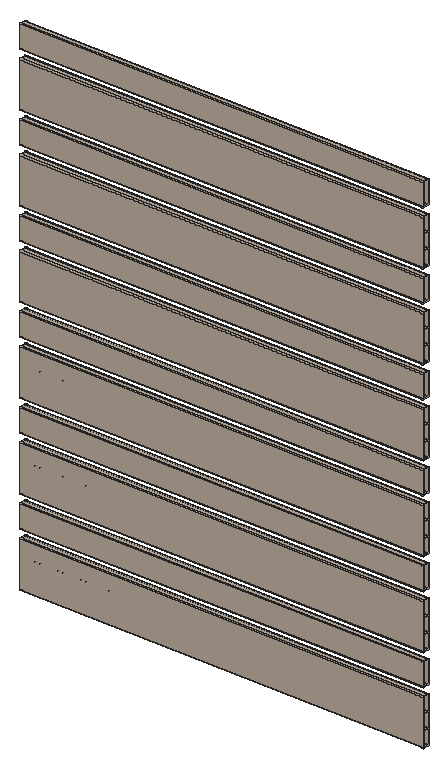
Revit family "ALTERNATING_VINYL_PLANK_PANEL", category Specialty Equipment, Revit 2026
Family settings
  Round Connector Dimension = Use Diameter
  Part Type = Normal
  Classification Number = 23.55.00.00
  Work Plane-Based = No
  Enable Cutting in Views = No
  Always vertical = No
  Cut with Voids When Loaded = No
  Maintain Annotation Orientation = No
  Shared = No
  Room Calculation Point = No
Parameters (values of type "Assembly")
  Width [instance] = if(Desired Overall Width < C Min Width, C Min Width, if(Desired Overall Width > C Max Width, C Max Width, Desired Overall Width))  # 4' - 0"
  Warranty URL = "https://palmshieldlouvers.com/wp-content/uploads/2020/01/PalmSHIELD-Warranty-NO-SIGN-LINE.pdf"
  Version = "2020 - v1.0a"  # constant formula
  URL = "https://palmshieldlouvers.com/"
  Product Page URL = "https://palmshieldlouvers.com/products/mercury-eco-semi-private/"
  Product Documentation Link = "https://palmshieldlouvers.com/wp-content/uploads/2022/01/Mercury-Economic-Alternating-Semi-Private.pdf"
  Offset From Surface = 0' - 2"  # constant formula
  Model = "Mercury Economic - Alternating - Semi Private"  # constant formula
  Material = Metal - PalmSHIELD - Grey Beige
  Manufacturer Phone Number = "531-329-4406 "  # constant formula
  Manufacturer Email = "mailto: info@palmshieldlouvers.com"
  Manufacturer Address = "12330 Cary Circle, La Vista, NE 68128"  # constant formula
  Manufacturer = "PalmSHIELD"  # constant formula
  Louver Finish = Metal - PalmSHIELD - Grey Beige
  Keynote = "05 10 00"
  Instruction Sheet Link = "https://palmshieldlouvers.com/wp-content/uploads/2021/09/PalmSHIELD-Mercury-Series-Post-Panel-Gate-Installation-Instructions-2.docx"
  ID [instance] = "Not Assigned"
  Height [instance] = if(Desired Overall Height < C Min Height, C Min Height, if(Desired Overall Height > C Max Height, C Max Height, Desired Overall Height))  # 6' - 0"
  Desired Overall Width [instance] = 4' - 0"
  Desired Overall Height [instance] = 6' - 0"
  Desired Bottom Angle [instance] = 0.00°
  Description = "Mercury Economic - Alternating - Semi Private - Panel Assembly"  # constant formula
  Default Elevation = 0' - 0"
  Copyright = "Copyright ©2024 The American Fence Company and PalmSHIELD. All Rights Reserved."  # constant formula
  Component Vis [instance] = yes
  Component Name [instance] = "Mercury Economic - Alternating - Semi Private"  # constant formula
  C Min Width [instance] = 4' - 0"  # constant formula
  C Min Height [instance] = C Min Width  # 4' - 0"
  C Max Width [instance] = 5' - 0"  # constant formula
  C Max Height [instance] = 6' - 0"  # constant formula
  C Angle [instance] = if(Desired Bottom Angle > 10.00°, 10.00°, if(Desired Bottom Angle < -10.00°, -10.00°, Desired Bottom Angle))  # 0.00°
  Assembly Code = "F1020100"
Reference planes (in)
  plane 1 "Center (Front/Back)": y = 0
  plane 2: z = 0
  plane 3 "Center (Left/Right)": x = 0
  plane 4: z = 72
  plane 5: x = 48
  plane 6: y = 3
  plane 7: y = 1.5
Lines and regions (in)
  reference lines
    curve 1: line (48, 0, 96.95698) -> (48, 0, -11)
    curve 2: line (-20.8931, 0, 72) -> (71.1069, 0, 72)
Dimensions and locks (in)
  "Desired Overall Height": curve 2 to level
  "Desired Overall Width": curve 1 to plane 3 "Center (Left/Right)"
  "Height": plane 4 to level
  "Width": plane 5 to plane 3 "Center (Left/Right)"
  equal spacing: plane 1 "Center (Front/Back)", plane 7, plane 6
  aligned and locked: plane 2 to level
Automatic sketch dimensions
  curve 2 to plane 3 "Center (Left/Right)" = 1' - 8.8931"
  plane 5 to curve 2 = 1' - 11.1069"
  curve 1 to level = 0' - 11"
  plane 4 to curve 1 = 2' - 0.95698"
Nested families (in)
  nested 1: "Screening-Louver-Assembly-Panel-Palmshield-Mercury_Economic-Alternating-Semi_Private-Vinyl" at (0, -2, 0), Desired Overall Width <- "Desired Overall Width", ID <- "ID", Component Vis <- "Component Vis", Desired Overall Height <- "Desired Overall Height", type "Assembly"
    with Width 4' - 0", Louver Length 4' - 3 5/8", ID "Not Assigned", Height 6' - 0", Desired Overall Width 4' - 0", Desired Overall Height 6' - 0", Component Vis yes, Component Name "Mercury Economic Alternating Semi Private - Panel Assembly - Aluminum", C Top Post Length 4' - 0", C Straight Corner Angle 45.00°, C Slope Angle 0.00°, C Side Frame Width 0' - 0 7/8", C Side Adjustment 0' - 0", C Rib Thickness Bottom Offset 0' - 0", C Rib Bottom Side Offset 0' - 0", C Louver Offset 0' - 0 1/8", C Louver Count B 6, C Louver Count A 6, C Hip 4' - 0", C Frame Offset 0' - 0 3/8", C Desired Bottom Angle 0.00°, C Bottom Offset B 0' - 7", C B-Side Post Length 6' - 0", C B-Side Angle 45.00°, C Angle 90.00°, C A-Side Post Length 6' - 0", C A-Side Angle 45.00°
  nested 2: "Nested-Louvers-Palmshield-Mercury-Economic-Alternating-Semi_Private-Vinyl" at (-1.8125, 0, 6.5) x (0, 1, 0) z (1, 0, 0), type "7/8" X 6" VINYL"
    with Material Metal - PalmSHIELD - Grey Beige, Length 4' - 3 5/8", ID "", Component Name "Mercury Economic Alternating Semi Private - Vinyl - Louvers"
  nested 3: "Nested-Louvers-Palmshield-Mercury-Economic-Alternating-Semi_Private-Vinyl" at (-1.8125, 0, 17.5) x (0, 1, 0) z (1, 0, 0), type "7/8" X 6" VINYL"
    with Material Metal - PalmSHIELD - Grey Beige, Length 4' - 3 5/8", ID "", Component Name "Mercury Economic Alternating Semi Private - Vinyl - Louvers"
  nested 4: "Nested-Louvers-Palmshield-Mercury-Economic-Alternating-Semi_Private-Vinyl" at (-1.8125, 0, 13.5) x (0, 1, 0) z (1, 0, 0), type "7/8" X 3" VINYL"
    with Material Metal - PalmSHIELD - Grey Beige, Length 4' - 3 5/8", ID "", Component Name "Mercury Economic Alternating Semi Private - Vinyl - Louvers"
  nested 5: "Nested-Louvers-Palmshield-Mercury-Economic-Alternating-Semi_Private-Vinyl" at (-1.8125, 0, 24.5) x (0, 1, 0) z (1, 0, 0), type "7/8" X 3" VINYL"
    with Material Metal - PalmSHIELD - Grey Beige, Length 4' - 3 5/8", ID "", Component Name "Mercury Economic Alternating Semi Private - Vinyl - Louvers"
  nested 6: "Nested-Louvers-Palmshield-Mercury-Economic-Alternating-Semi_Private-Vinyl" at (-1.8125, 0, 35.5) x (0, 1, 0) z (1, 0, 0), type "7/8" X 3" VINYL"
    with Material Metal - PalmSHIELD - Grey Beige, Length 4' - 3 5/8", ID "", Component Name "Mercury Economic Alternating Semi Private - Vinyl - Louvers"
  nested 7: "Nested-Louvers-Palmshield-Mercury-Economic-Alternating-Semi_Private-Vinyl" at (-1.8125, 0, 46.5) x (0, 1, 0) z (1, 0, 0), type "7/8" X 3" VINYL"
    with Material Metal - PalmSHIELD - Grey Beige, Length 4' - 3 5/8", ID "", Component Name "Mercury Economic Alternating Semi Private - Vinyl - Louvers"
  nested 8: "Nested-Louvers-Palmshield-Mercury-Economic-Alternating-Semi_Private-Vinyl" at (-1.8125, 0, 28.5) x (0, 1, 0) z (1, 0, 0), type "7/8" X 6" VINYL"
    with Material Metal - PalmSHIELD - Grey Beige, Length 4' - 3 5/8", ID "", Component Name "Mercury Economic Alternating Semi Private - Vinyl - Louvers"
  nested 9: "Nested-Louvers-Palmshield-Mercury-Economic-Alternating-Semi_Private-Vinyl" at (-1.8125, 0, 39.5) x (0, 1, 0) z (1, 0, 0), type "7/8" X 6" VINYL"
    with Material Metal - PalmSHIELD - Grey Beige, Length 4' - 3 5/8", ID "", Component Name "Mercury Economic Alternating Semi Private - Vinyl - Louvers"
  nested 10: "Nested-Louvers-Palmshield-Mercury-Economic-Alternating-Semi_Private-Vinyl" at (-1.8125, 0, 50.5) x (0, 1, 0) z (1, 0, 0), type "7/8" X 6" VINYL"
    with Material Metal - PalmSHIELD - Grey Beige, Length 4' - 3 5/8", ID "", Component Name "Mercury Economic Alternating Semi Private - Vinyl - Louvers"
  nested 11: "Nested-Louvers-Palmshield-Mercury-Economic-Alternating-Semi_Private-Vinyl" at (-1.8125, 0, 57.5) x (0, 1, 0) z (1, 0, 0), type "7/8" X 3" VINYL"
    with Material Metal - PalmSHIELD - Grey Beige, Length 4' - 3 5/8", ID "", Component Name "Mercury Economic Alternating Semi Private - Vinyl - Louvers"
  nested 12: "Nested-Louvers-Palmshield-Mercury-Economic-Alternating-Semi_Private-Vinyl" at (-1.8125, 0, 61.5) x (0, 1, 0) z (1, 0, 0), type "7/8" X 6" VINYL"
    with Material Metal - PalmSHIELD - Grey Beige, Length 4' - 3 5/8", ID "", Component Name "Mercury Economic Alternating Semi Private - Vinyl - Louvers"
  nested 13: "Nested-Louvers-Palmshield-Mercury-Economic-Alternating-Semi_Private-Vinyl" at (-1.8125, 0, 68.5) x (0, 1, 0) z (1, 0, 0), type "7/8" X 3" VINYL"
    with Material Metal - PalmSHIELD - Grey Beige, Length 4' - 3 5/8", ID "", Component Name "Mercury Economic Alternating Semi Private - Vinyl - Louvers"
Definition of nested family "Nested-Louvers-Palmshield-Mercury-Economic-Alternating-Semi_Private-Vinyl"
  Parameters (values of type "7/8" X 6" VINYL")
    Width = if(Constraints = 1, 0' 6", 0' 3")  # 0' - 6"
    Warranty URL = "https://palmshieldlouvers.com/wp-content/uploads/2020/01/PalmSHIELD-Warranty-NO-SIGN-LINE.pdf"
    Version = "2020 - v1.0a"  # constant formula
    URL = "https://palmshieldlouvers.com/"
    Thickness = 0' - 0 15/16"  # constant formula
    Product Page URL = "https://palmshieldlouvers.com/products/mercury-screening/"
    Product Documentation Link = "https://palmshieldlouvers.com/wp-content/uploads/2022/01/Mercury-Economic-Alternating-Semi-Private-Aluminum-Vinyl.pdf"
    Model = "Mercury Economic Semi Private Alternating"  # constant formula
    Material [instance] = none
    Manufacturer Phone Number = "531-329-4406 "  # constant formula
    Manufacturer Fax Number = "Consult Manufacturer Website for More Information"  # constant formula
    Manufacturer Email = "mailto: info@palmshieldlouvers.com"
    Manufacturer Address = "12330 Cary Circle, La Vista, NE 68128"  # constant formula
    Manufacturer = "PalmSHIELD"  # constant formula
    Length [instance] = 4' - 4.86713"
    Keynote = "05 10 00"
    Instruction Sheet Link = "https://palmshieldlouvers.com/wp-content/uploads/2021/09/PalmSHIELD-Mercury-Series-Post-Panel-Gate-Installation-Instructions-2.docx"
    ID [instance] = ""
    Description = "Mercury Economic Semi Private Alternating - Louvers"  # constant formula
    Default Elevation = 4' - 0"
    Copyright = "Copyright ©2024 The American Fence Company and PalmSHIELD. All Rights Reserved."  # constant formula
    Constraints = 1
    Component Name [instance] = "Mercury Economic Alternating Semi Private - Vinyl - Louvers"  # constant formula
    C Small = Constraints = 2  # no
    C Large = Constraints = 1  # yes
    Assembly Code = "F1020100"
  Types (2): name | Width | Constraints | C Small | C Large
    7/8" X 3" VINYL | 0' - 3" | 2 | yes | no
    7/8" X 6" VINYL | 0' - 6" | 1 | no | yes
  Reference planes (in)
    plane 1 "Center (Front/Back)": y = 0
    plane 2: z = 0
    plane 3 "Center (Left/Right)": x = 0
    plane 4: z = 52.86713
  Forms (in)
    Extrusion 1, solid
      sketch origin (0, 0, 0) x (1, 0, 0) y (0, 1, 0)
        loop
          line (-48, 48) -> (-48, -48) -> (48, -48) -> (48, 48) -> (-48, 48)
      from 0 to -12
    Sweep 2, solid, material <- "Material", visible <- "C Small"
      path origin (0, 0, 0) x (0, 1, 0) y (0, 0, 1)
        loop
          line (0, 0) -> (0, 52.86713)
      profile origin (0, 0, 26.43357) x (0, -1, 0) y (1, 0, 0)
        loop
          line (-2.90625, -0.375) -> (-0.09375, -0.375)
          arc (-0.09375, -0.375) -> (-0.07165, -0.36585) -> (-0.0625, -0.34375) r 0.03125
          line (-0.0625, -0.34375) -> (-0.0625, 0.34375)
          arc (-0.0625, 0.34375) -> (-0.07165, 0.36585) -> (-0.09375, 0.375) r 0.03125
          line (-0.09375, 0.375) -> (-2.90625, 0.375)
          arc (-2.90625, 0.375) -> (-2.92835, 0.36585) -> (-2.9375, 0.34375) r 0.03125
          line (-2.9375, 0.34375) -> (-2.9375, -0.34375)
          arc (-2.9375, -0.34375) -> (-2.92835, -0.36585) -> (-2.90625, -0.375) r 0.03125
        loop
          line (-0.09375, 0.4375) -> (-2.90625, 0.4375)
          arc (-2.90625, 0.4375) -> (-2.97254, 0.41004) -> (-3, 0.34375) r 0.09375
          line (-3, 0.34375) -> (-3, -0.34375)
          arc (-3, -0.34375) -> (-2.97254, -0.41004) -> (-2.90625, -0.4375) r 0.09375
          line (-2.90625, -0.4375) -> (-0.09375, -0.4375)
          arc (-0.09375, -0.4375) -> (-0.02746, -0.41004) -> (0, -0.34375) r 0.09375
          line (0, -0.34375) -> (0, 0.34375)
          arc (0, 0.34375) -> (-0.02746, 0.41004) -> (-0.09375, 0.4375) r 0.09375
    Sweep 3, solid, material <- "Material", visible <- "C Large", detail levels fine
      path origin (0, 0, 0) x (0, 1, 0) y (0, 0, 1)
        loop
          line (0, 0) -> (0, 52.86713)
      profile origin (0, 0, 26.43357) x (0, -1, 0) y (1, 0, 0)
        loop
          line (-0.125, 0.4375) -> (-5.875, 0.4375)
          arc (-5.875, 0.4375) -> (-5.96339, 0.40089) -> (-6, 0.3125) r 0.125
          line (-6, 0.3125) -> (-6, -0.3125)
          arc (-6, -0.3125) -> (-5.96339, -0.40089) -> (-5.875, -0.4375) r 0.125
          line (-5.875, -0.4375) -> (-0.125, -0.4375)
          arc (-0.125, -0.4375) -> (-0.03661, -0.40089) -> (0, -0.3125) r 0.125
          line (0, -0.3125) -> (0, 0.3125)
          arc (0, 0.3125) -> (-0.03661, 0.40089) -> (-0.125, 0.4375) r 0.125
        loop
          line (-0.125, 0.375) -> (-2, 0.375) -> (-2, -0.375) -> (-0.125, -0.375)
          arc (-0.125, -0.375) -> (-0.08081, -0.35669) -> (-0.0625, -0.3125) r 0.0625
          line (-0.0625, -0.3125) -> (-0.0625, 0.3125)
          arc (-0.0625, 0.3125) -> (-0.08081, 0.35669) -> (-0.125, 0.375) r 0.0625
        loop
          line (-2.03125, 0.375) -> (-3.96875, 0.375) -> (-3.96875, -0.375) -> (-2.03125, -0.375) -> (-2.03125, 0.375)
        loop
          line (-4, 0.375) -> (-5.875, 0.375)
          arc (-5.875, 0.375) -> (-5.91919, 0.35669) -> (-5.9375, 0.3125) r 0.0625
          line (-5.9375, 0.3125) -> (-5.9375, -0.3125)
          arc (-5.9375, -0.3125) -> (-5.91919, -0.35669) -> (-5.875, -0.375) r 0.0625
          line (-5.875, -0.375) -> (-4, -0.375) -> (-4, 0.375)
    Sweep 4, solid, material <- "Material", visible <- "C Large", detail levels coarse+medium
      path origin (0, 0, 0) x (0, 1, 0) y (0, 0, 1)
        loop
          line (0, 0) -> (0, 52.86713)
      profile origin (0, 0, 26.43357) x (0, -1, 0) y (1, 0, 0)
        loop
          line (-0.125, 0.4375) -> (-5.875, 0.4375)
          arc (-5.875, 0.4375) -> (-5.96339, 0.40089) -> (-6, 0.3125) r 0.125
          line (-6, 0.3125) -> (-6, -0.3125)
          arc (-6, -0.3125) -> (-5.96339, -0.40089) -> (-5.875, -0.4375) r 0.125
          line (-5.875, -0.4375) -> (-0.125, -0.4375)
          arc (-0.125, -0.4375) -> (-0.03661, -0.40089) -> (0, -0.3125) r 0.125
          line (0, -0.3125) -> (0, 0.3125)
          arc (0, 0.3125) -> (-0.03661, 0.40089) -> (-0.125, 0.4375) r 0.125
        loop
          line (-5.875, -0.375) -> (-0.125, -0.375)
          arc (-0.125, -0.375) -> (-0.08081, -0.35669) -> (-0.0625, -0.3125) r 0.0625
          line (-0.0625, -0.3125) -> (-0.0625, 0.3125)
          arc (-0.0625, 0.3125) -> (-0.08081, 0.35669) -> (-0.125, 0.375) r 0.0625
          line (-0.125, 0.375) -> (-5.875, 0.375)
          arc (-5.875, 0.375) -> (-5.91919, 0.35669) -> (-5.9375, 0.3125) r 0.0625
          line (-5.9375, 0.3125) -> (-5.9375, -0.3125)
          arc (-5.9375, -0.3125) -> (-5.91919, -0.35669) -> (-5.875, -0.375) r 0.0625
  Dimensions and locks (in)
    "Length": plane 4 to plane 2
    aligned and locked: plane 2 to Extrusion 1
    aligned and locked: level to Extrusion 1
    aligned and locked: plane 1 "Center (Front/Back)" to Sweep 2 sketch curve
    aligned and locked: plane 4 to Sweep 2 sketch curve
    aligned and locked: plane 4 to Sweep 3 sketch curve
    aligned and locked: plane 4 to Sweep 4 sketch curve
  Automatic sketch dimensions
    Extrusion 1 sketch curve to Extrusion 1 sketch curve = 8' - 0"  (x2)
    Sweep 2 sketch curve to level = 0' - 0"
    Sweep 3 sketch curve to plane 1 "Center (Front/Back)" = 0' - 0"
    Sweep 3 sketch curve to level = 0' - 0"
    Sweep 2 sketch curve to Sweep 2 sketch curve = 0' - 0"  (x9)
    Sweep 2 sketch curve to profile plane = 0' - 0"
    profile plane to Sweep 2 sketch curve = 0' - 0 1/16"
    Sweep 2 sketch curve to Sweep 2 sketch curve = 0' - 0 1/32"  (x3)
    Sweep 2 sketch curve to plane 3 "Center (Left/Right)" = 0' - 0 7/16"
    Sweep 2 sketch curve to Sweep 2 sketch curve = 0' - 2 13/16"
    plane 3 "Center (Left/Right)" to Sweep 2 sketch curve = 0' - 0 11/32"
    Sweep 3 sketch curve to Sweep 3 sketch curve = 0' - 0"  (x10)
    Sweep 3 sketch curve to profile plane = 0' - 0"
    Sweep 3 sketch curve to Sweep 3 sketch curve = 0' - 0 1/16"  (x4)
    profile plane to Sweep 3 sketch curve = 0' - 0 1/8"
    Sweep 3 sketch curve to profile plane = 0' - 0 3/8"
    Sweep 3 sketch curve to Sweep 3 sketch curve = 0' - 1 7/8"  (x2)
    Sweep 3 sketch curve to Sweep 3 sketch curve = 0' - 0 1/32"  (x2)
    profile plane to Sweep 3 sketch curve = 0' - 0 3/8"
    Sweep 3 sketch curve to Sweep 3 sketch curve = 0' - 1 15/16"
    profile plane to Sweep 3 sketch curve = 0' - 0 7/16"
    Sweep 4 sketch curve to plane 1 "Center (Front/Back)" = 0' - 0"
    Sweep 4 sketch curve to level = 0' - 0"
    Sweep 4 sketch curve to profile plane = 0' - 0"
    profile plane to Sweep 4 sketch curve = 0' - 0 1/8"  (x2)
    profile plane to Sweep 4 sketch curve = 0' - 0 7/16"
    Sweep 4 sketch curve to Sweep 4 sketch curve = 0' - 0"  (x8)
    Sweep 4 sketch curve to Sweep 4 sketch curve = 0' - 0 1/8"
    Sweep 4 sketch curve to Sweep 4 sketch curve = 0' - 5 3/4"
    Sweep 4 sketch curve to profile plane = 0' - 0 5/16"
    profile plane to Sweep 4 sketch curve = 0' - 0 1/16"
Definition of nested family "Screening-Louver-Assembly-Panel-Palmshield-Mercury_Economic-Alternating-Semi_Private-Vinyl"
  Parameters (values of type "Default")
    Width [instance] = if(Desired Overall Width < 3' 4", 3' 4", if(Desired Overall Width > 5' 0", 5' 0", Desired Overall Width))  # 4' - 0"
    Warranty URL = "https://palmshieldlouvers.com/wp-content/uploads/2020/01/PalmSHIELD-Warranty-NO-SIGN-LINE.pdf"
    Version = "2020 - v1.0a"  # constant formula
    URL = "https://palmshieldlouvers.com/"
    Offset From Surface = 0' - 3 1/2"  # constant formula
    Material = none
    Louver Separation = 0' - 11"  # constant formula
    Product Page URL = "https://palmshieldlouvers.com/products/mercury-eco-semi-private/"
    Product Documentation Link = "https://palmshieldlouvers.com/wp-content/uploads/2022/01/Mercury-Economic-Alternating-Semi-Private.pdf"
    Model = "Mercury Economic Alternating Semi Private"  # constant formula
    Manufacturer Phone Number = "531-329-4406 "  # constant formula
    Manufacturer Fax Number = "Consult Manufacturer Website for More Information"  # constant formula
    Manufacturer Email = "mailto: info@palmshieldlouvers.com"
    Manufacturer Address = "12330 Cary Circle, La Vista, NE 68128"  # constant formula
    Manufacturer = "PalmSHIELD"  # constant formula
    Louver Length [instance] = Width + 2 * C Frame Overlap  # 4' - 3 5/8"
    Keynote = "05 10 00"
    Instruction Sheet Link = "https://palmshieldlouvers.com/wp-content/uploads/2021/09/PalmSHIELD-Mercury-Series-Post-Panel-Gate-Installation-Instructions-2.docx"
    ID [instance] = "Not Assgined"
    Height [instance] = if(Desired Overall Height < 3' 0", 3' 0", if(Desired Overall Height > 6' 0", 6' 0", Desired Overall Height))  # 6' - 0"
    Component Vis [instance] = yes
    C Top Offset B = 0' - 0 1/2"  # constant formula
    C Louver Count B [instance] = 1 + rounddown((Height - C Bottom Offset B - C Top Offset B - 0' 6") / Louver Separation)  # 6
    C Frame Width = 0' - 4"  # constant formula
    C Frame Thickness = 0' - 0 1/8"  # constant formula
    Desired Overall Width [instance] = 4' - 0"
    Desired Overall Height [instance] = 6' - 0 1/2"
    Description = "Mercury Economic Alternating Semi Private - Panel Assembly"  # constant formula
    Default Elevation = 4' - 0"
    Copyright = "Copyright ©2024 The American Fence Company and PalmSHIELD. All Rights Reserved."  # constant formula
    Component Name [instance] = "Mercury Economic Alternating Semi Private - Panel Assembly - Aluminum"  # constant formula
    C Top Post Length [instance] = Width  # 4' - 0"
    C Top Offset A = 0' - 4 1/2"  # constant formula
    C Straight Corner Angle [instance] = 45.00°  # constant formula
    C Slope Angle [instance] = if(C Desired Bottom Angle < -25.00°, 25.00°, if(C Desired Bottom Angle > 25.00°, 25.00°, C Desired Bottom Angle))  # 0.00°
    C Side Frame Width [instance] = 0' - 0 7/8"  # constant formula
    C Rib Thickness Bottom Offset [instance] = 0' - 0"  # constant formula
    C Rib Bottom Side Offset [instance] = if(C Slope Angle < 0.00°, -C Frame Thickness * sin(C Slope Angle), C Frame Thickness * sin(C Slope Angle))  # 0' - 0"
    C Louver Overlap = 0' - 0 1/2"  # constant formula
    C Louver Offset [instance] = 0' - 0 1/8"  # constant formula
    C Louver Count A [instance] = 1 + rounddown((Height - C Bottom Offset A - C Top Offset B - 0' 3") / Louver Separation)  # 6
    C Hip [instance] = Width / cos(C Slope Angle)  # 4' - 0"
    C Side Adjustment [instance] = -C Hip * sin(C Slope Angle)  # 0' - 0"
    C Frame Overlap = 0' - 1 13/16"  # constant formula
    C Frame Offset [instance] = C Side Frame Width - 0' 0 1/2"  # 0' - 0 3/8"
    C Bottom Offset B [instance] = 0' - 7"  # constant formula
    C Bottom Offset A = 0' - 3"  # constant formula
    C B-Side Post Length [instance] = Height + C Side Adjustment  # 6' - 0"
    C B-Side Angle [instance] = (90.00° - C Slope Angle) / 2  # 45.00°
    C Angle [instance] = if(C Slope Angle < -25.00°, 90.00° - 25.00°, if(C Slope Angle > 25.00°, 90.00° + 25.00°, 90.00° - C Slope Angle))  # 90.00°
    C Desired Bottom Angle [instance] = 0.00°  # constant formula
    C A-Side Post Length [instance] = Height  # 6' - 0"
    C A-Side Angle [instance] = (90.00° + C Slope Angle) / 2  # 45.00°
    Assembly Code = "F1020100"
  Reference planes (in)
    plane 1: y = 0
    plane 2: z = 0
    plane 3 "Side A": x = 0
    plane 4 "Top": z = 72
    plane 5 "Side B": x = 48
    plane 6: y = 4
    plane 7: z = 72
    plane 8: x = 0
    plane 9: x = -1.8125
    plane 10 "Center (Front/Back)": y = 2
    plane 11: x = 24
    plane 12: z = 3
    plane 13: z = 67.5
    plane 14: z = 14
    plane 15: z = 7
    plane 16: z = 71.5
    plane 17: z = 18
    plane 18: x = 49.8125
    plane 19: z = 60.5
    plane 20: z = 56.5
  Forms (in)
    Extrusion 1, solid
      sketch origin (0, 0, 0) x (1, 0, 0) y (0, 1, 0)
        loop
          line (-48, 48) -> (-48, -48) -> (48, -48) -> (48, 48) -> (-48, 48)
      from 0 to -12
  Lines and regions (in)
    reference lines
      curve 1: line (0, 0, 3.14604) -> (84, 0, 3.14604)
      curve 2: line (15.625, 0, 3.14604) -> (26.375, 0, 3.14604)
      curve 3: line (31.625, 0, 3.14604) -> (41.625, 0, 3.14604)
      curve 4: line (-25.10096, 0, 72.5) -> (88.51525, 0, 72.5)
      curve 5: line (48, 0, 3.14604) -> (53.25, 0, 3.14604)
      curve 6: line (48, 0, 91.91427) -> (48, 0, -22.08573)
      curve 7: line (-1.8125, 19.58446, 72.5) -> (-1.8125, -23.41554, 72.5)
  Dimensions and locks (in)
    "Width": plane 5 "Side B" to plane 3 "Side A"
    plane 3 "Side A" to plane 5 "Side B" = 4' - 0"
    plane 4 "Top" to plane 7 = 0' - 0"
    "C Rib Bottom Side Offset": plane 3 "Side A" to plane 8
    equal spacing: plane 1, plane 10 "Center (Front/Back)", plane 6
    equal spacing: plane 3 "Side A", plane 11, plane 5 "Side B"
    "C Frame Overlap": plane 3 "Side A" to plane 9
    "C Bottom Offset A": plane 12 to plane 2
    "C Top Offset A": plane 7 to plane 13
    "Desired Overall Width": curve 6 to plane 3 "Side A"
    "C Frame Width": plane 6 to plane 1
    "Louver Separation": plane 12 to plane 14
    "C Bottom Offset B": plane 15 to Extrusion 1
    "C Top Offset B": plane 7 to plane 16
    "Desired Overall Height": curve 7 to level
    "Louver Separation": plane 15 to plane 17
    equal spacing: group 1, group 2, group 5, group 6, group 9, group 10  (x2)
    equal spacing: group 10, group 9, group 6, group 5, group 2, group 1
    equal spacing: group 3, group 4, group 7, group 8, group 11, group 12  (x2)
    equal spacing: group 12, group 11, group 8, group 7, group 4, group 3
    "C Frame Overlap": plane 18 to plane 5 "Side B"
    "Louver Separation": plane 19 to plane 16
    "Louver Separation": plane 20 to plane 13
    "Desired Overall Height": curve 4 to plane 2
    "Height": plane 4 "Top" to plane 2
    "C Angle": angle curve 1 to plane 3 "Side A"
    locked: curve 5 to plane 5 "Side B" (angle 90.00°)
    aligned and locked: plane 2 to Extrusion 1
    aligned and locked: level to Extrusion 1
    aligned and locked: plane 3 "Side A" to curve 1
    aligned and locked: plane 10 "Center (Front/Back)" to nested 1
    aligned and locked: nested 1 to plane 16
    aligned and locked: nested 2 to plane 13
    aligned and locked: plane 10 "Center (Front/Back)" to nested 2
    aligned and locked: plane 10 "Center (Front/Back)" to nested 3
    aligned and locked: plane 19 to nested 3
    aligned and locked: plane 10 "Center (Front/Back)" to nested 4
    aligned and locked: plane 20 to nested 4
  Automatic sketch dimensions
    Extrusion 1 sketch curve to Extrusion 1 sketch curve = 8' - 0"  (x2)
    curve 5 to plane 5 "Side B" = 0' - 0"
    curve 4 to plane 9 = 1' - 11.28846"
    curve 2 to plane 12 = 0' - 0.14604"
    curve 2 to plane 11 = 0' - 8 3/8"
    plane 11 to curve 2 = 0' - 2 3/8"
    curve 3 to plane 12 = 0' - 0.14604"
    curve 2 to curve 3 = 0' - 5 1/4"
    curve 3 to curve 5 = 0' - 6 3/8"
    plane 18 to curve 4 = 3' - 2.70275"
    curve 5 to plane 12 = 0' - 0.14604"
    curve 6 to level = 1' - 10.08573"
    plane 4 "Top" to curve 6 = 1' - 7.91427"
    curve 7 to plane 6 = 1' - 3.58446"
    plane 1 to curve 7 = 1' - 11.41554"
  Nested families (in)
    nested 1: "Nested-Louvers-Palmshield-Mercury-Economic-Alternating-Semi_Private-Vinyl" at (-1.8125, 2, 68.5) x (0, 1, 0) z (1, 0, 0), Material <- "Material", Length <- "Louver Length", visible <- "Component Vis", type "7/8" X 3" VINYL"
      with Material none, Length 4' - 3 5/8", ID "", Component Name "Mercury Economic Alternating Semi Private - Vinyl - Louvers"
    nested 2: "Nested-Louvers-Palmshield-Mercury-Economic-Alternating-Semi_Private-Vinyl" at (-1.8125, 2, 61.5) x (0, 1, 0) z (1, 0, 0), Material <- "Material", Length <- "Louver Length", visible <- "Component Vis", type "7/8" X 6" VINYL"
      with Material none, Length 4' - 3 5/8", ID "", Component Name "Mercury Economic Alternating Semi Private - Vinyl - Louvers"
    nested 3: "Nested-Louvers-Palmshield-Mercury-Economic-Alternating-Semi_Private-Vinyl" at (-1.8125, 2, 57.5) x (0, 1, 0) z (1, 0, 0), Material <- "Material", Length <- "Louver Length", visible <- "Component Vis", type "7/8" X 3" VINYL"
      with Material none, Length 4' - 3 5/8", ID "", Component Name "Mercury Economic Alternating Semi Private - Vinyl - Louvers"
    nested 4: "Nested-Louvers-Palmshield-Mercury-Economic-Alternating-Semi_Private-Vinyl" at (-1.8125, 2, 50.5) x (0, 1, 0) z (1, 0, 0), Material <- "Material", Length <- "Louver Length", visible <- "Component Vis", type "7/8" X 6" VINYL"
      with Material none, Length 4' - 3 5/8", ID "", Component Name "Mercury Economic Alternating Semi Private - Vinyl - Louvers"
    nested 5: "Nested-Louvers-Palmshield-Mercury-Economic-Alternating-Semi_Private-Vinyl" at (-1.8125, 2, 46.5) x (0, 1, 0) z (1, 0, 0), Material <- "Material", Length <- "Louver Length", visible <- "Component Vis", type "7/8" X 3" VINYL"
      with Material none, Length 4' - 3 5/8", ID "", Component Name "Mercury Economic Alternating Semi Private - Vinyl - Louvers"
    nested 6: "Nested-Louvers-Palmshield-Mercury-Economic-Alternating-Semi_Private-Vinyl" at (-1.8125, 2, 35.5) x (0, 1, 0) z (1, 0, 0), Material <- "Material", Length <- "Louver Length", visible <- "Component Vis", type "7/8" X 3" VINYL"
      with Material none, Length 4' - 3 5/8", ID "", Component Name "Mercury Economic Alternating Semi Private - Vinyl - Louvers"
    nested 7: "Nested-Louvers-Palmshield-Mercury-Economic-Alternating-Semi_Private-Vinyl" at (-1.8125, 2, 39.5) x (0, 1, 0) z (1, 0, 0), Material <- "Material", Length <- "Louver Length", visible <- "Component Vis", type "7/8" X 6" VINYL"
      with Material none, Length 4' - 3 5/8", ID "", Component Name "Mercury Economic Alternating Semi Private - Vinyl - Louvers"
    nested 8: "Nested-Louvers-Palmshield-Mercury-Economic-Alternating-Semi_Private-Vinyl" at (-1.8125, 2, 28.5) x (0, 1, 0) z (1, 0, 0), Material <- "Material", Length <- "Louver Length", visible <- "Component Vis", type "7/8" X 6" VINYL"
      with Material none, Length 4' - 3 5/8", ID "", Component Name "Mercury Economic Alternating Semi Private - Vinyl - Louvers"
    nested 9: "Nested-Louvers-Palmshield-Mercury-Economic-Alternating-Semi_Private-Vinyl" at (-1.8125, 2, 24.5) x (0, 1, 0) z (1, 0, 0), Material <- "Material", Length <- "Louver Length", visible <- "Component Vis", type "7/8" X 3" VINYL"
      with Material none, Length 4' - 3 5/8", ID "", Component Name "Mercury Economic Alternating Semi Private - Vinyl - Louvers"
    nested 10: "Nested-Louvers-Palmshield-Mercury-Economic-Alternating-Semi_Private-Vinyl" at (-1.8125, 2, 13.5) x (0, 1, 0) z (1, 0, 0), Material <- "Material", Length <- "Louver Length", visible <- "Component Vis", type "7/8" X 3" VINYL"
      with Material none, Length 4' - 3 5/8", ID "", Component Name "Mercury Economic Alternating Semi Private - Vinyl - Louvers"
    nested 11: "Nested-Louvers-Palmshield-Mercury-Economic-Alternating-Semi_Private-Vinyl" at (-1.8125, 2, 17.5) x (0, 1, 0) z (1, 0, 0), Material <- "Material", Length <- "Louver Length", visible <- "Component Vis", type "7/8" X 6" VINYL"
      with Material none, Length 4' - 3 5/8", ID "", Component Name "Mercury Economic Alternating Semi Private - Vinyl - Louvers"
    nested 12: "Nested-Louvers-Palmshield-Mercury-Economic-Alternating-Semi_Private-Vinyl" at (-1.8125, 2, 6.5) x (0, 1, 0) z (1, 0, 0), Material <- "Material", Length <- "Louver Length", visible <- "Component Vis", type "7/8" X 6" VINYL"
      with Material none, Length 4' - 3 5/8", ID "", Component Name "Mercury Economic Alternating Semi Private - Vinyl - Louvers"
  Definition of nested family "Nested-Louvers-Palmshield-Mercury-Economic-Alternating-Semi_Private-Vinyl"
    Parameters (values of type "7/8" X 6" VINYL")
      Width = if(Constraints = 1, 0' 6", 0' 3")  # 0' - 6"
      Warranty URL = "https://palmshieldlouvers.com/wp-content/uploads/2020/01/PalmSHIELD-Warranty-NO-SIGN-LINE.pdf"
      Version = "2020 - v1.0a"  # constant formula
      URL = "https://palmshieldlouvers.com/"
      Thickness = 0' - 0 15/16"  # constant formula
      Product Page URL = "https://palmshieldlouvers.com/products/mercury-screening/"
      Product Documentation Link = "https://palmshieldlouvers.com/wp-content/uploads/2022/01/Mercury-Economic-Alternating-Semi-Private-Aluminum-Vinyl.pdf"
      Model = "Mercury Economic Semi Private Alternating"  # constant formula
      Material [instance] = none
      Manufacturer Phone Number = "531-329-4406 "  # constant formula
      Manufacturer Fax Number = "Consult Manufacturer Website for More Information"  # constant formula
      Manufacturer Email = "mailto: info@palmshieldlouvers.com"
      Manufacturer Address = "12330 Cary Circle, La Vista, NE 68128"  # constant formula
      Manufacturer = "PalmSHIELD"  # constant formula
      Length [instance] = 4' - 4.86713"
      Keynote = "05 10 00"
      Instruction Sheet Link = "https://palmshieldlouvers.com/wp-content/uploads/2021/09/PalmSHIELD-Mercury-Series-Post-Panel-Gate-Installation-Instructions-2.docx"
      ID [instance] = ""
      Description = "Mercury Economic Semi Private Alternating - Louvers"  # constant formula
      Default Elevation = 4' - 0"
      Copyright = "Copyright ©2024 The American Fence Company and PalmSHIELD. All Rights Reserved."  # constant formula
      Constraints = 1
      Component Name [instance] = "Mercury Economic Alternating Semi Private - Vinyl - Louvers"  # constant formula
      C Small = Constraints = 2  # no
      C Large = Constraints = 1  # yes
      Assembly Code = "F1020100"
    Types (2): name | Width | Constraints | C Small | C Large
      7/8" X 3" VINYL | 0' - 3" | 2 | yes | no
      7/8" X 6" VINYL | 0' - 6" | 1 | no | yes
    Reference planes (in)
      plane 1 "Center (Front/Back)": y = 0
      plane 2: z = 0
      plane 3 "Center (Left/Right)": x = 0
      plane 4: z = 52.86713
    Forms (in)
      Extrusion 1, solid
        sketch origin (0, 0, 0) x (1, 0, 0) y (0, 1, 0)
          loop
            line (-48, 48) -> (-48, -48) -> (48, -48) -> (48, 48) -> (-48, 48)
        from 0 to -12
      Sweep 2, solid, material <- "Material", visible <- "C Small"
        path origin (0, 0, 0) x (0, 1, 0) y (0, 0, 1)
          loop
            line (0, 0) -> (0, 52.86713)
        profile origin (0, 0, 26.43357) x (0, -1, 0) y (1, 0, 0)
          loop
            line (-2.90625, -0.375) -> (-0.09375, -0.375)
            arc (-0.09375, -0.375) -> (-0.07165, -0.36585) -> (-0.0625, -0.34375) r 0.03125
            line (-0.0625, -0.34375) -> (-0.0625, 0.34375)
            arc (-0.0625, 0.34375) -> (-0.07165, 0.36585) -> (-0.09375, 0.375) r 0.03125
            line (-0.09375, 0.375) -> (-2.90625, 0.375)
            arc (-2.90625, 0.375) -> (-2.92835, 0.36585) -> (-2.9375, 0.34375) r 0.03125
            line (-2.9375, 0.34375) -> (-2.9375, -0.34375)
            arc (-2.9375, -0.34375) -> (-2.92835, -0.36585) -> (-2.90625, -0.375) r 0.03125
          loop
            line (-0.09375, 0.4375) -> (-2.90625, 0.4375)
            arc (-2.90625, 0.4375) -> (-2.97254, 0.41004) -> (-3, 0.34375) r 0.09375
            line (-3, 0.34375) -> (-3, -0.34375)
            arc (-3, -0.34375) -> (-2.97254, -0.41004) -> (-2.90625, -0.4375) r 0.09375
            line (-2.90625, -0.4375) -> (-0.09375, -0.4375)
            arc (-0.09375, -0.4375) -> (-0.02746, -0.41004) -> (0, -0.34375) r 0.09375
            line (0, -0.34375) -> (0, 0.34375)
            arc (0, 0.34375) -> (-0.02746, 0.41004) -> (-0.09375, 0.4375) r 0.09375
      Sweep 3, solid, material <- "Material", visible <- "C Large", detail levels fine
        path origin (0, 0, 0) x (0, 1, 0) y (0, 0, 1)
          loop
            line (0, 0) -> (0, 52.86713)
        profile origin (0, 0, 26.43357) x (0, -1, 0) y (1, 0, 0)
          loop
            line (-0.125, 0.4375) -> (-5.875, 0.4375)
            arc (-5.875, 0.4375) -> (-5.96339, 0.40089) -> (-6, 0.3125) r 0.125
            line (-6, 0.3125) -> (-6, -0.3125)
            arc (-6, -0.3125) -> (-5.96339, -0.40089) -> (-5.875, -0.4375) r 0.125
            line (-5.875, -0.4375) -> (-0.125, -0.4375)
            arc (-0.125, -0.4375) -> (-0.03661, -0.40089) -> (0, -0.3125) r 0.125
            line (0, -0.3125) -> (0, 0.3125)
            arc (0, 0.3125) -> (-0.03661, 0.40089) -> (-0.125, 0.4375) r 0.125
          loop
            line (-0.125, 0.375) -> (-2, 0.375) -> (-2, -0.375) -> (-0.125, -0.375)
            arc (-0.125, -0.375) -> (-0.08081, -0.35669) -> (-0.0625, -0.3125) r 0.0625
            line (-0.0625, -0.3125) -> (-0.0625, 0.3125)
            arc (-0.0625, 0.3125) -> (-0.08081, 0.35669) -> (-0.125, 0.375) r 0.0625
          loop
            line (-2.03125, 0.375) -> (-3.96875, 0.375) -> (-3.96875, -0.375) -> (-2.03125, -0.375) -> (-2.03125, 0.375)
          loop
            line (-4, 0.375) -> (-5.875, 0.375)
            arc (-5.875, 0.375) -> (-5.91919, 0.35669) -> (-5.9375, 0.3125) r 0.0625
            line (-5.9375, 0.3125) -> (-5.9375, -0.3125)
            arc (-5.9375, -0.3125) -> (-5.91919, -0.35669) -> (-5.875, -0.375) r 0.0625
            line (-5.875, -0.375) -> (-4, -0.375) -> (-4, 0.375)
      Sweep 4, solid, material <- "Material", visible <- "C Large", detail levels coarse+medium
        path origin (0, 0, 0) x (0, 1, 0) y (0, 0, 1)
          loop
            line (0, 0) -> (0, 52.86713)
        profile origin (0, 0, 26.43357) x (0, -1, 0) y (1, 0, 0)
          loop
            line (-0.125, 0.4375) -> (-5.875, 0.4375)
            arc (-5.875, 0.4375) -> (-5.96339, 0.40089) -> (-6, 0.3125) r 0.125
            line (-6, 0.3125) -> (-6, -0.3125)
            arc (-6, -0.3125) -> (-5.96339, -0.40089) -> (-5.875, -0.4375) r 0.125
            line (-5.875, -0.4375) -> (-0.125, -0.4375)
            arc (-0.125, -0.4375) -> (-0.03661, -0.40089) -> (0, -0.3125) r 0.125
            line (0, -0.3125) -> (0, 0.3125)
            arc (0, 0.3125) -> (-0.03661, 0.40089) -> (-0.125, 0.4375) r 0.125
          loop
            line (-5.875, -0.375) -> (-0.125, -0.375)
            arc (-0.125, -0.375) -> (-0.08081, -0.35669) -> (-0.0625, -0.3125) r 0.0625
            line (-0.0625, -0.3125) -> (-0.0625, 0.3125)
            arc (-0.0625, 0.3125) -> (-0.08081, 0.35669) -> (-0.125, 0.375) r 0.0625
            line (-0.125, 0.375) -> (-5.875, 0.375)
            arc (-5.875, 0.375) -> (-5.91919, 0.35669) -> (-5.9375, 0.3125) r 0.0625
            line (-5.9375, 0.3125) -> (-5.9375, -0.3125)
            arc (-5.9375, -0.3125) -> (-5.91919, -0.35669) -> (-5.875, -0.375) r 0.0625
    Dimensions and locks (in)
      "Length": plane 4 to plane 2
      aligned and locked: plane 2 to Extrusion 1
      aligned and locked: level to Extrusion 1
      aligned and locked: plane 1 "Center (Front/Back)" to Sweep 2 sketch curve
      aligned and locked: plane 4 to Sweep 2 sketch curve
      aligned and locked: plane 4 to Sweep 3 sketch curve
      aligned and locked: plane 4 to Sweep 4 sketch curve
    Automatic sketch dimensions
      Extrusion 1 sketch curve to Extrusion 1 sketch curve = 8' - 0"  (x2)
      Sweep 2 sketch curve to level = 0' - 0"
      Sweep 3 sketch curve to plane 1 "Center (Front/Back)" = 0' - 0"
      Sweep 3 sketch curve to level = 0' - 0"
      Sweep 2 sketch curve to Sweep 2 sketch curve = 0' - 0"  (x9)
      Sweep 2 sketch curve to profile plane = 0' - 0"
      profile plane to Sweep 2 sketch curve = 0' - 0 1/16"
      Sweep 2 sketch curve to Sweep 2 sketch curve = 0' - 0 1/32"  (x3)
      Sweep 2 sketch curve to plane 3 "Center (Left/Right)" = 0' - 0 7/16"
      Sweep 2 sketch curve to Sweep 2 sketch curve = 0' - 2 13/16"
      plane 3 "Center (Left/Right)" to Sweep 2 sketch curve = 0' - 0 11/32"
      Sweep 3 sketch curve to Sweep 3 sketch curve = 0' - 0"  (x10)
      Sweep 3 sketch curve to profile plane = 0' - 0"
      Sweep 3 sketch curve to Sweep 3 sketch curve = 0' - 0 1/16"  (x4)
      profile plane to Sweep 3 sketch curve = 0' - 0 1/8"
      Sweep 3 sketch curve to profile plane = 0' - 0 3/8"
      Sweep 3 sketch curve to Sweep 3 sketch curve = 0' - 1 7/8"  (x2)
      Sweep 3 sketch curve to Sweep 3 sketch curve = 0' - 0 1/32"  (x2)
      profile plane to Sweep 3 sketch curve = 0' - 0 3/8"
      Sweep 3 sketch curve to Sweep 3 sketch curve = 0' - 1 15/16"
      profile plane to Sweep 3 sketch curve = 0' - 0 7/16"
      Sweep 4 sketch curve to plane 1 "Center (Front/Back)" = 0' - 0"
      Sweep 4 sketch curve to level = 0' - 0"
      Sweep 4 sketch curve to profile plane = 0' - 0"
      profile plane to Sweep 4 sketch curve = 0' - 0 1/8"  (x2)
      profile plane to Sweep 4 sketch curve = 0' - 0 7/16"
      Sweep 4 sketch curve to Sweep 4 sketch curve = 0' - 0"  (x8)
      Sweep 4 sketch curve to Sweep 4 sketch curve = 0' - 0 1/8"
      Sweep 4 sketch curve to Sweep 4 sketch curve = 0' - 5 3/4"
      Sweep 4 sketch curve to profile plane = 0' - 0 5/16"
      profile plane to Sweep 4 sketch curve = 0' - 0 1/16"
